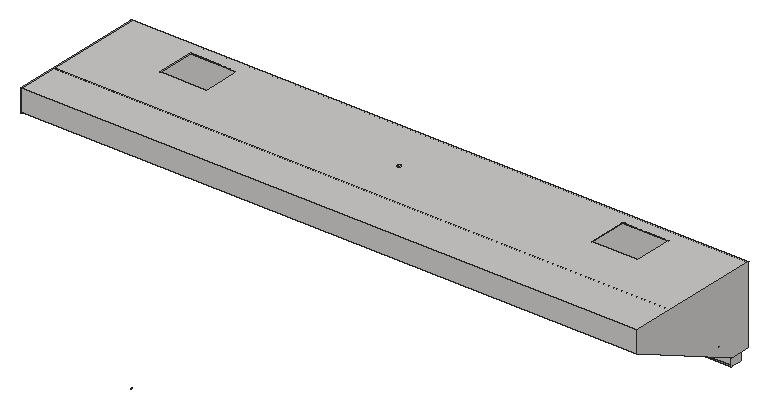
Revit family "QF_ELECTROLUXPROFESSIONAL_644190_AMPV940BT", category Attrezzature speciali, Revit 2021
Family settings
  Quota connettore circolare = Usa diametro
  Tipo di parte = Normale
  Basato su piano di lavoro = No
  Sempre verticale = Sì
  Taglio con vuoti quando caricato = No
  Condiviso = No
  Punto di calcolo locali = No
Parameters (values of type "Standard")
  Weight = 114.00 kg
  Watts = 840 W
  Volts = 220 V
  URL Manufacturer = "https://www.electroluxprofessional.com/"
  URL = "https://www.electroluxprofessional.com/"
  Steam Supply Size = 0 mm
  Steam Supply Minimum Pressure = 0.0 Pa
  Steam Supply Maximum Pressure = 0.0 Pa
  Steam Consumption per Hour = 0
  Refrigeration Suction Line Size = 0 mm
  Refrigeration Liquid Line Size = 0 mm
  Refrigerant Compressor Remote = yes
  Prospetto di default = 0 mm
  Produttore = "Electrolux Professional"
  Phase = 1
  Modello = "AMPV940BT"
  Length Actual = 4000 mm  # constant formula
  Item Number = "644190"
  Hot Water Size = 0 mm
  Height Actual = 500 mm  # constant formula
  HP = "1.1 HP"
  Gas Size = 0 mm
  Gas KW = 0
  Gas Input Pressure = 0 W
  Direct Waste Size = 0 mm
  Descrizione = "430 S/S WALL HOOD+FILTERS+FAN 4000X900MM"
  Depth Actual = 900 mm  # constant formula
  Cycle = 50 Hz
  Condensate Return Size = 0 mm
  Compressed Air Volume = 0.0 L/s
  Compressed Air Size = 0 mm
  Compressed Air Pressure = 0.0 Pa
  Cold Water Size = 0 mm
  Accessory = yes
Reference planes
  plane 1: z = 0
  plane 2 "Center (Left/Right)": x = 150
  plane 3 "LEFT": x = -1850
  plane 4 "RIGHT": x = 2150
  plane 5 "BACK": y = 550
  plane 6 "Plane": z = 2000
  plane 7 "TOP": z = 2140
  plane 8 "Base": z = 1640
  plane 9: z = 1566
  plane 10 "DrainY": y = 485
  plane 11: x = -1847
  plane 12: through (0, 414.509, 1640.8) normal (0, 0.7314, 0.682)
  plane 13: y = 470
  plane 14: y = 220
  plane 15 "DrainX": x = 2030
  plane 16: x = -1100
  plane 17: x = 1400
  plane 18: x = -1400
  plane 19: x = 1700
  plane 20: x = 2147
  plane 21: x = 1940
  plane 22: x = 2120
  plane 23: x = -1810
  plane 24: x = -1445
  plane 25: x = -1050
  plane 26: x = 2110
  plane 27: x = 1745
  plane 28: x = 1350
  plane 29: x = -47.5
  plane 30: x = 347.5
  plane 31: y = 100
  plane 32: y = -350
Forms (mm)
  Extrusion 1, solid, material "QF_Finishes_Stainless Steel"
    sketch origin (-1850, 0, 0) x (0, 1, 0) y (0, 0, 1)
      loop
        line (550, 1640) -> (550, 2140) -> (-350, 2140) -> (-350, 1999.112) -> (413.973, 1640) -> (550, 1640)
    from 0 to 3
  Extrusion 2, solid, material "QF_Finishes_Stainless Steel"
    sketch origin (150, 0, 0) x (0, 1, 0) y (0, 0, 1)
      loop
        line (415.255, 1640) -> (550, 1640) -> (550, 2139.19) -> (549.2, 2139.19) -> (549.2, 1640.8) -> (415.876, 1640.8) -> (339.347, 1722.867) -> (349.609, 1732.436) -> (348.927, 1733.167) -> (337.934, 1722.917) -> (415.255, 1640)
      loop
        line (-82.203, 2139.19) -> (-82.203, 2118.6) -> (-31.047, 2118.6) -> (34.354, 2048.466) -> (46.028, 2059.352) -> (45.346, 2060.083) -> (34.403, 2049.879) -> (-30.612, 2119.6) -> (-81.203, 2119.6) -> (-81.203, 2139.19) -> (-82.203, 2139.19)
    from -1997 to 1997
  Extrusion 3, solid, material "QF_Finishes_Stainless Steel"
    sketch origin (2150, 0, 0) x (0, 1, 0) y (0, 0, 1)
      loop
        line (550, 1640) -> (550, 2140) -> (-350, 2140) -> (-350, 1999.112) -> (413.973, 1640) -> (550, 1640)
    from 0 to -3
  Extrusion 4, solid, material "QF_Finishes_Stainless Steel"
    sketch origin (150, 0, 0) x (0, 1, 0) y (0, 0, 1)
      loop
        line (-350, 2140) -> (-350, 2000) -> (-349.2, 2000) -> (-349.2, 2139.19) -> (550, 2139.19) -> (550, 2140) -> (-350, 2140)
    from -2000 to 2000
  Extrusion 5, solid, material "QF_Finishes_Stainless Steel"
    sketch origin (150, 0, 0) x (0, 1, 0) y (0, 0, 1)
      loop
        line (534, 1640) -> (436, 1640) -> (436, 1627) -> (443.5, 1627) -> (443.5, 1576)
        arc (443.5, 1576) -> (446.429, 1568.929) -> (453.5, 1566) r 10
        line (453.5, 1566) -> (516.5, 1566)
        arc (516.5, 1566) -> (523.571, 1568.929) -> (526.5, 1576) r 10
        line (526.5, 1576) -> (526.5, 1627) -> (534, 1627) -> (534, 1640)
    from 1790 to 1970
  Extrusion 6, solid, material "QF_Finishes_Stainless Steel"
    sketch origin (0, 0, 1640) x (0, 1, 0) y (-1, 0, 0)
      loop
        circle (485, -2030) r 20
    from -76 to -74
  Extrusion 7, solid, material "QF_Finished_Chrome"
    sketch origin (150, 0, 0) x (0, 1, 0) y (0, 0, 1)
      loop
        line (337.934, 1722.917) -> (341.591, 1726.327) -> (38.011, 2051.876) -> (34.354, 2048.466) -> (337.934, 1722.917)
    from -1595 to -1960
  Extrusion 8, solid, material "QF_Finished_Chrome"
    sketch origin (150, 0, 0) x (0, 1, 0) y (0, 0, 1)
      loop
        line (337.934, 1722.917) -> (341.591, 1726.327) -> (38.011, 2051.876) -> (34.354, 2048.466) -> (337.934, 1722.917)
    from -197.5 to -1200
  Extrusion 9, solid, material "QF_Finishes_Stainless Steel"
    sketch origin (150, 0, 0) x (0, 1, 0) y (0, 0, 1)
      loop
        line (337.934, 1722.917) -> (341.591, 1726.327) -> (38.011, 2051.876) -> (34.354, 2048.466) -> (337.934, 1722.917)
    from 1997 to 1960
  Extrusion 10, solid, material "QF_Finishes_Stainless Steel"
    sketch origin (150, 0, 0) x (0, 1, 0) y (0, 0, 1)
      loop
        line (341.588, 1726.324) -> (38.009, 2051.874) -> (34.354, 2048.466) -> (337.934, 1722.917) -> (341.588, 1726.324)
    from -1595 to -1200
  Extrusion 11, solid, material "QF_Finished_Chrome"
    sketch origin (150, 0, 0) x (0, 1, 0) y (0, 0, 1)
      loop
        line (341.588, 1726.324) -> (38.009, 2051.874) -> (34.354, 2048.466) -> (337.934, 1722.917) -> (341.588, 1726.324)
    from 1595 to 1960
  Extrusion 12, void
    sketch origin (0, 0, 2140) x (0, 1, 0) y (-1, 0, 0)
      loop
        line (470, 1400) -> (220, 1400) -> (220, 1100) -> (470, 1100) -> (470, 1400)
    from 0 to -10
  Extrusion 13, void
    sketch origin (940, 0, 2140) x (0, 1, 0) y (-1, 0, 0)
      loop
        line (470, -460) -> (220, -460) -> (220, -760) -> (470, -760) -> (470, -460)
    from 0 to -10
  Extrusion 14, solid, material "QF_Finishes_Stainless Steel"
    sketch origin (0, 0, 0) x (1, 0, 0) y (0, 1, 0)
      loop
        line (-1850, 550) -> (-1850, 549) -> (-1849, 549) -> (-1849, 550) -> (-1850, 550)
    from 0 to 1
  Extrusion 15, solid, material "QF_Finishes_Stainless Steel"
    sketch origin (150, 0, 0) x (0, 1, 0) y (0, 0, 1)
      loop
        line (337.934, 1722.917) -> (341.591, 1726.327) -> (38.011, 2051.876) -> (34.354, 2048.466) -> (337.934, 1722.917)
    from -1960 to -1997
  Extrusion 16, solid, material "QF_Finishes_Stainless Steel"
    sketch origin (150, 0, 0) x (0, 1, 0) y (0, 0, -1)
      loop
        line (341.588, -1726.324) -> (337.934, -1722.917) -> (34.354, -2048.466) -> (38.009, -2051.874) -> (341.588, -1726.324)
    from -1595 to -1200
  Extrusion 17, solid, material "QF_Finished_Chrome"
    sketch origin (150, 0, 0) x (0, 1, 0) y (0, 0, 1)
      loop
        line (337.934, 1722.917) -> (341.591, 1726.327) -> (38.011, 2051.876) -> (34.354, 2048.466) -> (337.934, 1722.917)
    from 1200 to 197.5
  Extrusion 18, solid, material "QF_Finishes_Stainless Steel"
    sketch origin (150, 0, 0) x (0, 1, 0) y (0, 0, -1)
      loop
        line (341.588, -1726.324) -> (337.934, -1722.917) -> (34.354, -2048.466) -> (38.009, -2051.874) -> (341.588, -1726.324)
    from -197.5 to 197.5
  Extrusion 19, solid, material "QF_Finishes_Stainless Steel"
    sketch origin (0, 0, 2140) x (0, 1, 0) y (-1, 0, 0)
      loop
        circle (220, -150) r 10
    from 0 to 1.6
Cuts and joins
  Extrusion 12, Extrusion 13 cuts Extrusion 4
  joined: Extrusion 2, Extrusion 4
Lines and regions (mm)
  reference lines
    curve 1: line (150, 34.354, 2048.466) -> (150, 34.354, 1888.466)
  symbolic lines, style "SpecialityEquipment", detail levels coarse
    curve 2: line (2150, 550, 2140) -> (-1850, 550, 2140)
    curve 3: line (-1850, 550, 2140) -> (-1850, -350, 2140)
    curve 4: line (2150, -350, 2140) -> (2150, 550, 2140)
    curve 5: line (-1850, -350, 2140) -> (2150, -350, 2140)
    curve 6: line (-1400, 220, 2140) -> (-1100, 220, 2140)
    curve 7: line (-1400, 470, 2140) -> (-1400, 220, 2140)
    curve 8: line (-1100, 470, 2140) -> (-1400, 470, 2140)
    curve 9: line (-1100, 220, 2140) -> (-1100, 470, 2140)
    curve 10: line (1400, 470, 2140) -> (1400, 220, 2140)
    curve 11: line (1400, 220, 2140) -> (1700, 220, 2140)
    curve 12: line (1700, 470, 2140) -> (1400, 470, 2140)
    curve 13: line (1700, 220, 2140) -> (1700, 470, 2140)
  symbolic lines, detail levels coarse
    curve 14: line (-1850, -350, 0) -> (2150, 550, 0)
    curve 15: line (-1850, 550, 0) -> (2150, -350, 0)
Dimensions and locks
  plane 3 "LEFT" to plane 4 "RIGHT" = 4000 mm
  equal spacing: plane 3 "LEFT", plane 2 "Center (Left/Right)", plane 4 "RIGHT"
  locked: plane 6 "Plane" to level at 2000
  plane 7 "TOP" to plane 6 "Plane" = 140 mm
  locked: plane 7 "TOP" to plane 8 "Base" at 500
  plane 8 "Base" to plane 9 = 74 mm
  plane 5 "BACK" to plane 10 "DrainY" = 65 mm  (x2)
  plane 3 "LEFT" to plane 11 = 3 mm
  plane 5 "BACK" to plane 13 = 80 mm
  plane 13 to plane 14 = 250 mm  (x2)
  plane 15 "DrainX" to plane 4 "RIGHT" = 120 mm
  locked: plane 16 to plane 17 at 2500
  equal spacing: plane 16, plane 2 "Center (Left/Right)", plane 17
  plane 18 to plane 16 = 300 mm
  plane 17 to plane 19 = 300 mm
  plane 20 to plane 4 "RIGHT" = 3 mm
  locked: plane 21 to plane 15 "DrainX" at 90
  locked: plane 15 "DrainX" to plane 22 at 90
  plane 13 to plane 5 "BACK" = 80 mm
  locked: plane 3 "LEFT" to plane 23 at 40
  locked: plane 23 to plane 24 at 365
  locked: plane 24 to plane 25 at 395
  locked: plane 26 to plane 27 at 365
  locked: plane 27 to plane 28 at 395
  locked: plane 26 to plane 4 "RIGHT" at 40
  locked: plane 29 to plane 30 at 395
  equal spacing: plane 29, plane 2 "Center (Left/Right)", plane 30
  plane 25 to plane 29 = 1002.5 mm
  plane 30 to plane 28 = 1002.5 mm
  plane 5 "BACK" to plane 32 = 900 mm  (x2)
  equal spacing: plane 5 "BACK", plane 31, plane 32
  aligned and locked: level to plane 1
  aligned and locked: Extrusion 2 to Extrusion 1
  aligned and locked: Extrusion 2 to Extrusion 3
  aligned and locked: plane 4 "RIGHT" to Extrusion 4
  aligned and locked: Extrusion 4 to plane 3 "LEFT"
  aligned and locked: plane 20 to Extrusion 9
  aligned and locked: plane 18 to Extrusion 12
  aligned and locked: Extrusion 12 to plane 16
  aligned and locked: Extrusion 12 to plane 14
  aligned and locked: Extrusion 12 to plane 13
  aligned and locked: Extrusion 13 to plane 19
  aligned and locked: plane 17 to Extrusion 13
  aligned and locked: Extrusion 2 to Extrusion 4
  aligned and locked: plane 22 to Extrusion 5
  aligned and locked: Extrusion 5 to plane 21
  aligned and locked: Extrusion 9 to plane 26
  aligned and locked: Extrusion 11 to plane 26
  aligned and locked: Extrusion 11 to plane 27
  aligned and locked: Extrusion 8 to plane 25
  aligned and locked: plane 25 to Extrusion 10
  aligned and locked: Extrusion 10 to plane 24
  aligned and locked: plane 24 to Extrusion 7
  aligned and locked: Extrusion 7 to plane 23
  aligned and locked: Extrusion 15 to plane 11
  aligned and locked: plane 23 to Extrusion 15
  aligned and locked: Extrusion 16 to plane 28
  aligned and locked: Extrusion 16 to plane 27
  aligned and locked: Extrusion 3 to plane 20
  aligned and locked: plane 29 to Extrusion 8
  aligned and locked: Extrusion 17 to plane 28
  aligned and locked: Extrusion 17 to plane 30
  aligned and locked: plane 30 to Extrusion 18
  aligned and locked: Extrusion 18 to plane 29
Automatic sketch dimensions
  curve 5 to plane 3 "LEFT" = 0 mm
  curve 9 to plane 14 = 0 mm
  curve 10 to plane 14 = 0 mm
  plane 13 to curve 8 = 0 mm
  plane 13 to curve 12 = 0 mm
  curve 3 to plane 5 "BACK" = 0 mm
  curve 5 to plane 4 "RIGHT" = 0 mm
  curve 11 to plane 19 = 0 mm
  curve 10 to plane 17 = 0 mm
  curve 6 to plane 16 = 0 mm
  curve 6 to plane 18 = 0 mm
  Extrusion 2 sketch curve to plane 12 = 0 mm  (x3)
  Extrusion 2 sketch curve to plane 8 "Base" = 0 mm
  plane 12 to Extrusion 2 sketch curve = 0 mm
  Extrusion 2 sketch curve to plane 5 "BACK" = 0 mm
  Extrusion 2 sketch curve to Extrusion 2 sketch curve = 65.646 mm
  Extrusion 2 sketch curve to Extrusion 2 sketch curve = 0.682 mm  (x2)
  Extrusion 2 sketch curve to Extrusion 2 sketch curve = 10.261 mm
  plane 8 "Base" to Extrusion 2 sketch curve = 82.917 mm
  Extrusion 2 sketch curve to Extrusion 2 sketch curve = 10.942 mm
  Extrusion 2 sketch curve to Extrusion 2 sketch curve = 0.049 mm
  Extrusion 2 sketch curve to plane 7 "TOP" = 20.4 mm
  Extrusion 2 sketch curve to plane 7 "TOP" = 21.4 mm
  Extrusion 2 sketch curve to plane 7 "TOP" = 0.81 mm  (x2)
  Extrusion 2 sketch curve to Extrusion 2 sketch curve = 50.156 mm
  Extrusion 2 sketch curve to Extrusion 2 sketch curve = 1 mm
  plane 8 "Base" to Extrusion 2 sketch curve = 0.8 mm
  Extrusion 2 sketch curve to plane 5 "BACK" = 0.8 mm
  Extrusion 3 sketch curve to plane 8 "Base" = 0 mm
  Extrusion 3 sketch curve to plane 5 "BACK" = 0 mm
  Extrusion 3 sketch curve to plane 7 "TOP" = 0 mm
  plane 13 to Extrusion 3 sketch curve = 56.027 mm
  Extrusion 4 sketch curve to plane 6 "Plane" = 0 mm
  Extrusion 4 sketch curve to plane 5 "BACK" = 0 mm
  Extrusion 4 sketch curve to plane 7 "TOP" = 0 mm
  Extrusion 4 sketch curve to plane 7 "TOP" = 0.81 mm
  curve 1 to plane 12 = 0 mm
  curve 1 to plane 6 "Plane" = 111.534 mm
  Extrusion 5 sketch curve to plane 8 "Base" = 0 mm
  Extrusion 5 sketch curve to plane 9 = 0 mm
  Extrusion 5 sketch curve to plane 8 "Base" = 13 mm  (x2)
  plane 13 to Extrusion 5 sketch curve = 34 mm
  Extrusion 5 sketch curve to Extrusion 5 sketch curve = 7.5 mm  (x2)
  Extrusion 5 sketch curve to Extrusion 5 sketch curve = 10 mm
  plane 10 "DrainY" to Extrusion 5 sketch curve = 31.5 mm
  Extrusion 5 sketch curve to plane 5 "BACK" = 23.5 mm
  Extrusion 6 sketch curve to plane 10 "DrainY" = 0 mm
  Extrusion 6 sketch curve to plane 15 "DrainX" = 0 mm
  Extrusion 7 sketch curve to plane 12 = 0 mm  (x2)
  Extrusion 7 sketch curve to Extrusion 7 sketch curve = 3.657 mm
  plane 8 "Base" to Extrusion 7 sketch curve = 82.917 mm
  Extrusion 8 sketch curve to plane 12 = 0 mm  (x2)
  Extrusion 8 sketch curve to Extrusion 8 sketch curve = 3.657 mm
  plane 8 "Base" to Extrusion 8 sketch curve = 82.917 mm
  Extrusion 9 sketch curve to plane 12 = 0 mm  (x2)
  Extrusion 9 sketch curve to Extrusion 9 sketch curve = 3.657 mm
  plane 8 "Base" to Extrusion 9 sketch curve = 82.917 mm
  Extrusion 10 sketch curve to plane 12 = 0 mm  (x2)
  Extrusion 10 sketch curve to Extrusion 10 sketch curve = 3.655 mm
  plane 8 "Base" to Extrusion 10 sketch curve = 82.917 mm
  Extrusion 11 sketch curve to plane 12 = 0 mm  (x2)
  Extrusion 11 sketch curve to Extrusion 11 sketch curve = 3.655 mm
  plane 8 "Base" to Extrusion 11 sketch curve = 82.917 mm
  Extrusion 12 sketch curve to plane 14 = 0 mm
  plane 13 to Extrusion 12 sketch curve = 0 mm
  Extrusion 12 sketch curve to plane 16 = 0 mm
  Extrusion 12 sketch curve to plane 18 = 0 mm
  Extrusion 13 sketch curve to plane 14 = 0 mm
  plane 13 to Extrusion 13 sketch curve = 0 mm
  Extrusion 13 sketch curve to plane 19 = 0 mm
  Extrusion 13 sketch curve to plane 17 = 0 mm
  Extrusion 14 sketch curve to plane 3 "LEFT" = 0 mm
  Extrusion 14 sketch curve to plane 5 "BACK" = 0 mm
  plane 3 "LEFT" to Extrusion 14 sketch curve = 1 mm
  Extrusion 14 sketch curve to Extrusion 14 sketch curve = 1 mm
  Extrusion 15 sketch curve to plane 12 = 0 mm  (x2)
  Extrusion 15 sketch curve to Extrusion 15 sketch curve = 3.657 mm
  plane 8 "Base" to Extrusion 15 sketch curve = 82.917 mm
  Extrusion 16 sketch curve to plane 12 = 0 mm  (x2)
  Extrusion 16 sketch curve to Extrusion 16 sketch curve = 3.655 mm
  plane 8 "Base" to Extrusion 16 sketch curve = 82.917 mm
  Extrusion 17 sketch curve to plane 12 = 0 mm  (x2)
  Extrusion 17 sketch curve to Extrusion 17 sketch curve = 3.657 mm
  plane 8 "Base" to Extrusion 17 sketch curve = 82.917 mm
  Extrusion 18 sketch curve to plane 12 = 0 mm  (x2)
  Extrusion 18 sketch curve to Extrusion 18 sketch curve = 3.655 mm
  plane 8 "Base" to Extrusion 18 sketch curve = 82.917 mm
  Extrusion 4 sketch curve to Extrusion 4 sketch curve = 0.8 mm
  curve 5 to plane 14 = 570 mm
  plane 6 "Plane" to Extrusion 2 sketch curve = 48.466 mm
  Extrusion 4 sketch curve to plane 14 = 569.2 mm
  curve 1 to plane 14 = 185.646 mm
  plane 6 "Plane" to Extrusion 7 sketch curve = 51.876 mm
  plane 6 "Plane" to Extrusion 8 sketch curve = 51.876 mm
  plane 6 "Plane" to Extrusion 9 sketch curve = 51.876 mm
  plane 6 "Plane" to Extrusion 10 sketch curve = 51.874 mm
  plane 6 "Plane" to Extrusion 11 sketch curve = 51.874 mm
  plane 6 "Plane" to Extrusion 15 sketch curve = 51.876 mm
  plane 6 "Plane" to Extrusion 16 sketch curve = 51.874 mm
  plane 6 "Plane" to Extrusion 17 sketch curve = 51.876 mm
  plane 6 "Plane" to Extrusion 18 sketch curve = 51.874 mm
  Extrusion 1 sketch curve to plane 32 = 0 mm
  Extrusion 1 sketch curve to plane 8 "Base" = 0 mm
  Extrusion 1 sketch curve to plane 5 "BACK" = 0 mm
  Extrusion 1 sketch curve to plane 7 "TOP" = 0 mm
  plane 13 to Extrusion 1 sketch curve = 56.027 mm
  Extrusion 1 sketch curve to plane 6 "Plane" = 0.888 mm
  Extrusion 3 sketch curve to plane 32 = 0 mm
  Extrusion 3 sketch curve to plane 6 "Plane" = 0.888 mm
  curve 15 to plane 3 "LEFT" = 0 mm
  curve 14 to plane 3 "LEFT" = 0 mm
  curve 15 to plane 4 "RIGHT" = 0 mm
  curve 14 to plane 4 "RIGHT" = 0 mm
  curve 15 to plane 32 = 0 mm
  curve 14 to plane 32 = 0 mm
  curve 15 to plane 5 "BACK" = 0 mm
  curve 14 to plane 5 "BACK" = 0 mm
  Extrusion 19 sketch curve to plane 2 "Center (Left/Right)" = 0 mm
  Extrusion 19 sketch curve to plane 14 = 0 mm
  radius of Extrusion 6 sketch curve = 20 mm
  radius of Extrusion 19 sketch curve = 10 mm
Connectors
  piping at (2030, 485, 1564), diameter 20
    settings: on Extrusion 6, index 1, connector inside diameter 609.6 mm, connector length 0 mm, flow factor 0, pipe flow 0.0 L/s, pressure drop 0.0 Pa, fitting loss kfactor 0, connector angle 0.00°, fixture units 0, engagement length 0 mm, angle of deflection 0.00°, flow configuration 1, flow direction 2, fitting loss method 0, system type 16, joint type 0, gender type 0, connector reference index -1, connector utility 0, adjustable connector no, is connector primary yes, connector description "Drain"
  hvac at (-1250, 345, 2140)
    settings: on Extrusion 12, index 2, duct flow 0.0 L/s, flow factor 0, pres drop 0.0 Pa, loss coef 0, conn angle 0.00°, conn width 250 mm, conn height 300 mm, conn diameter 609.6 mm, duct sys type 3, conn prof type 1, flow config 1, flow direction 2, loss method 0, conn ref index -1, conn util no, is conn primary yes, conn desc "EXHAUST OUTLET"
  hvac at (1550, 345, 2140)
    settings: on Extrusion 13, index 3, duct flow 0.0 L/s, flow factor 0, pres drop 0.0 Pa, loss coef 0, conn angle 0.00°, conn width 250 mm, conn height 300 mm, conn diameter 609.6 mm, duct sys type 3, conn prof type 1, flow config 1, flow direction 2, loss method 0, conn ref index -1, conn util no, is conn primary no, conn desc "EXHAUST OUTLET"
  electrical at (150, 220, 2141.6), driven by "Volts"
    settings: on Extrusion 19, index 4, voltage 220 V, apparent load 0 VA, apparent load phase1 0 VA, apparent load phase2 0 VA, apparent load phase3 0 VA, power factor 1, load classification "Other", number of poles 1, system type 30, power factor state 1, is connector primary yes, connector utility no, sub classification motor no, connector description "Electrical Connection"
